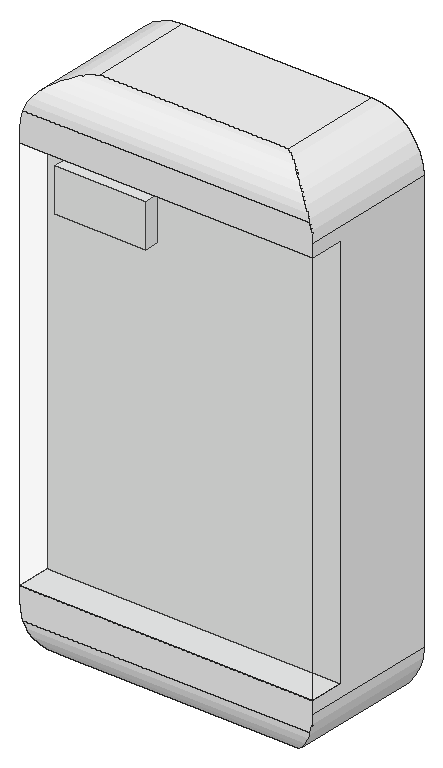
Revit family "НЕВАТОМ_Щит  тепловых завес с водяным и электрическим калорифером, Версия 1", category Электрооборудование, Revit 2017
Family settings
  Конфигурация панели = Два столбца, слева направо
  Размер круглого соединителя = Использовать диаметр
  Тип детали = Щит
  На основе рабочей плоскости = Нет
  Всегда вертикально = Да
  При загрузке вырезать с полостями = Нет
  Общий = Нет
  Точка расчета площади = Нет
Parameters (values of type "ABU–PVZ–E–1–Z–1,7–15")
  Voltage = ""
  НЕВАТОМ_Ориентировочная мощность двигателя = 1.7 kW
  НЕВАТОМ_Номинальный ток двигателя = 3.2 A
  built-in parameter 1140083 [instance] = "Пластик"  # constant formula
  ADSK_Размер_Ширина = 160 mm
  ADSK_Размер_Длина = 340 mm
  ADSK_Размер_Высота = 610 mm
  ADSK_Примечание = ""
  ADSK_Позиция = ""
  ADSK_Напряжение = 380 V
  ADSK_Наименование = "ABU–PVZ–E–1–Z–1,7–15"
  ADSK_Марка = ADSK_Наименование  # "ABU–PVZ–E–1–Z–1,7–15"
  ADSK_Количество = 1  # constant formula
  ADSK_Код изделия = ""
  ADSK_Завод-изготовитель = "НЕВАТОМ"  # constant formula
  ADSK_Единица измерения = "шт."  # constant formula
  ADSK_URL документации изделия = ""
Types (9, lengths in mm): name | НЕВАТОМ_Ориентировочная мощность двигателя | НЕВАТОМ_Номинальный ток двигателя | ADSK_Наименование | ADSK_Марка
  (no name) | 1.7 kW | 3.2 A | "ABU–PVZ–E–1–Z–1,7–15" | "ABU–PVZ–E–1–Z–1,7–15"
  ABU–PVZ–E–1–Z–1,7–15 | 1.7 kW | 3.2 A | "ABU–PVZ–E–1–Z–1,7–15" | "ABU–PVZ–E–1–Z–1,7–15"
  ABU–PVZ–E–1–Z–2,2–22,5 | 2.2 kW | 4 A | "ABU–PVZ–E–1–Z–2,2–22,5" | "ABU–PVZ–E–1–Z–2,2–22,5"
  ABU–PVZ–E–1–Z–3,5–30 | 3.5 kW | 5.9 A | "ABU–PVZ–E–1–Z–3,5–30" | "ABU–PVZ–E–1–Z–3,5–30"
  ABU–PVZ–W–1–Z–1,7 | 1.7 kW | 3.2 A | "ABU–PVZ–W–1–Z–1,7" | "ABU–PVZ–W–1–Z–1,7"
  ABU–PVZ–W–1–Z–2,2 | 2.2 kW | 4 A | "ABU–PVZ–W–1–Z–2,2" | "ABU–PVZ–W–1–Z–2,2"
  ABU–PVZ–W–1–Z–3,5 | 3.5 kW | 5.9 A | "ABU–PVZ–W–1–Z–3,5" | "ABU–PVZ–W–1–Z–3,5"
  ABU–PVZ–W–1–Z–4,8 | 4.8 kW | 8 A | "ABU–PVZ–W–1–Z–4,8" | "ABU–PVZ–W–1–Z–4,8"
  ABU–PVZ–E–1–Z–4,8–45 | 4.8 kW | 8 A | "ABU–PVZ–E–1–Z–4,8–45" | "ABU–PVZ–E–1–Z–4,8–45"
Reference planes
  plane 1 "По центру (Вперед/Назад)": y = 0
  plane 2: z = 0
  plane 3 "По центру (Влево/Вправо)": x = 0
  plane 4: y = 80
  plane 5: y = -80
  plane 6: x = -170
  plane 7: x = 170
  plane 8: z = 610
  plane 9: y = -40
Forms (mm)
  Extrusion 1, solid, material "Условный материал-отделка"
    sketch origin (0, 0, 0) x (1, 0, 0) y (0, 1, 0)
      loop
        line (-170, 80) -> (-170, -40) -> (170, -40) -> (170, 80) -> (-170, 80)
    from 0 to 610
  Extrusion 2, solid, material "Условный материал-отделка"
    sketch origin (0, 0, 0) x (0, 1, 0) y (0, 0, 1)
      loop
        arc (-40, 610) -> (-68.284, 598.284) -> (-80, 570) r 40
        line (-80, 570) -> (-80, 535) -> (-40, 535) -> (-40, 610)
      loop
        line (-40, 0) -> (-40, 75) -> (-80, 75) -> (-80, 40)
        arc (-80, 40) -> (-68.284, 11.716) -> (-40, 0) r 40
    from -170 to 170
  Extrusion 3, void
    sketch origin (0, 0, 0) x (1, 0, 0) y (0, 0, 1)
      loop
        line (-170, 610) -> (-170, 550)
        arc (-170, 550) -> (-152.426, 592.426) -> (-110, 610) r 60
        line (-110, 610) -> (-170, 610)
    from -80 to 80
  Extrusion 4, void
    sketch origin (0, 0, 0) x (-1, 0, 0) y (0, 0, -1)
      loop
        line (-170, -610) -> (-110, -610)
        arc (-110, -610) -> (-152.426, -592.426) -> (-170, -550) r 60
        line (-170, -550) -> (-170, -610)
    from -80 to 80
  Extrusion 5, void
    sketch origin (0, 0, 610) x (-1, 0, 0) y (0, 0, -1)
      loop
        line (-170, 610) -> (-170, 550)
        arc (-170, 550) -> (-152.426, 592.426) -> (-110, 610) r 60
        line (-110, 610) -> (-170, 610)
    from -80 to 80
  Extrusion 6, void
    sketch origin (0, 0, 610) x (1, 0, 0) y (0, 0, 1)
      loop
        line (-170, -610) -> (-110, -610)
        arc (-110, -610) -> (-152.426, -592.426) -> (-170, -550) r 60
        line (-170, -550) -> (-170, -610)
    from -80 to 80
  Extrusion 7, solid, material "Стекло"
    sketch origin (0, 0, 0) x (1, 0, 0) y (0, 0, 1)
      loop
        line (-170, 535) -> (-170, 75) -> (170, 75) -> (170, 535) -> (-170, 535)
    from 40 to 80
  Extrusion 8, solid, material "По умолчанию"
    sketch origin (0, 0, 0) x (1, 0, 0) y (0, 0, 1)
      loop
        line (-147.842, 508.805) -> (-147.842, 458.805) -> (-42.842, 458.805) -> (-42.842, 508.805) -> (-147.842, 508.805)
    from 40 to 57.046
  Extrusion 9, solid
    sketch origin (-495, 0, 0) x (1, 0, 0) y (0, 1, 0)
      loop
        line (386.585, 40) -> (386.585, -40) -> (604.424, -40) -> (604.424, 40) -> (386.585, 40)
    from 0 to 2
Cuts and joins
  Extrusion 3, Extrusion 4, Extrusion 5, Extrusion 6 cuts Extrusion 1
  Extrusion 3, Extrusion 4, Extrusion 5, Extrusion 6 cuts Extrusion 2
  joined: Extrusion 1, Extrusion 2
Dimensions and locks
  equal spacing: plane 6, plane 3 "По центру (Влево/Вправо)", plane 7
  equal spacing: plane 4, plane 1 "По центру (Вперед/Назад)", plane 5
  "ADSK_Размер_Ширина": plane 4 to plane 5
  "ADSK_Размер_Длина": plane 6 to plane 7
  "ADSK_Размер_Высота": plane 8 to level
  plane 9 to plane 5 = 40 mm
  aligned and locked: level to plane 2
  aligned and locked: Extrusion 1 sketch curve to plane 4
  aligned and locked: plane 7 to Extrusion 1 sketch curve
  aligned and locked: Extrusion 1 sketch curve to plane 6
  aligned and locked: plane 9 to Extrusion 1
  aligned and locked: Extrusion 2 to plane 7
  aligned and locked: plane 6 to Extrusion 2
  aligned and locked: plane 4 to Extrusion 3
  aligned and locked: Extrusion 3 to plane 5
  aligned and locked: Extrusion 7 to plane 9
  aligned and locked: Extrusion 7 to plane 5
Automatic sketch dimensions
  plane 9 to Extrusion 1 sketch curve = 0 mm
  Extrusion 2 sketch curve to plane 5 = 0 mm  (x2)
  Extrusion 2 sketch curve to level = 0 mm
  Extrusion 2 sketch curve to plane 9 = 0 mm  (x2)
  plane 8 to Extrusion 2 sketch curve = 0 mm
  Extrusion 2 sketch curve to Extrusion 2 sketch curve = 35 mm  (x2)
  plane 6 to Extrusion 3 sketch curve = 0 mm
  Extrusion 3 sketch curve to plane 8 = 0 mm
  Extrusion 3 sketch curve to plane 6 = 60 mm
  Extrusion 3 sketch curve to Extrusion 3 sketch curve = 0 mm
  plane 7 to Extrusion 4 sketch curve = 0 mm
  Extrusion 4 sketch curve to plane 8 = 0 mm
  Extrusion 4 sketch curve to plane 7 = 60 mm
  Extrusion 4 sketch curve to Extrusion 4 sketch curve = 0 mm
  plane 7 to Extrusion 5 sketch curve = 0 mm
  Extrusion 5 sketch curve to level = 0 mm
  level to Extrusion 5 sketch curve = 60 mm
  Extrusion 5 sketch curve to Extrusion 5 sketch curve = 0 mm
  plane 6 to Extrusion 6 sketch curve = 0 mm
  Extrusion 6 sketch curve to level = 0 mm
  Extrusion 6 sketch curve to level = 60 mm
  Extrusion 6 sketch curve to Extrusion 6 sketch curve = 0 mm
  plane 6 to Extrusion 7 sketch curve = 0 mm
  plane 7 to Extrusion 7 sketch curve = 0 mm
  level to Extrusion 7 sketch curve = 75 mm
  plane 8 to Extrusion 7 sketch curve = 75 mm
  Extrusion 8 sketch curve to plane 6 = 22.158 mm
  Extrusion 8 sketch curve to plane 3 "По центру (Влево/Вправо)" = 42.842 mm
  plane 8 to Extrusion 8 sketch curve = 151.195 mm
  Extrusion 8 sketch curve to Extrusion 8 sketch curve = 50 mm
  plane 5 to Extrusion 9 sketch curve = 40 mm
  Extrusion 9 sketch curve to plane 4 = 40 mm
  Extrusion 9 sketch curve to plane 6 = 61.585 mm
  plane 7 to Extrusion 9 sketch curve = 60.576 mm
Connectors
  electrical at (0.504, 0, 2), driven by "ADSK_Напряжение"
    settings: on Extrusion 9, index 1, voltage 380 V, apparent load 0 VA, apparent load phase1 0 VA, apparent load phase2 0 VA, apparent load phase3 0 VA, power factor 1, load classification "Прочее", number of poles 1, system type 31, power factor state 1, is connector primary yes, connector utility no, sub classification motor no, connector description ""
